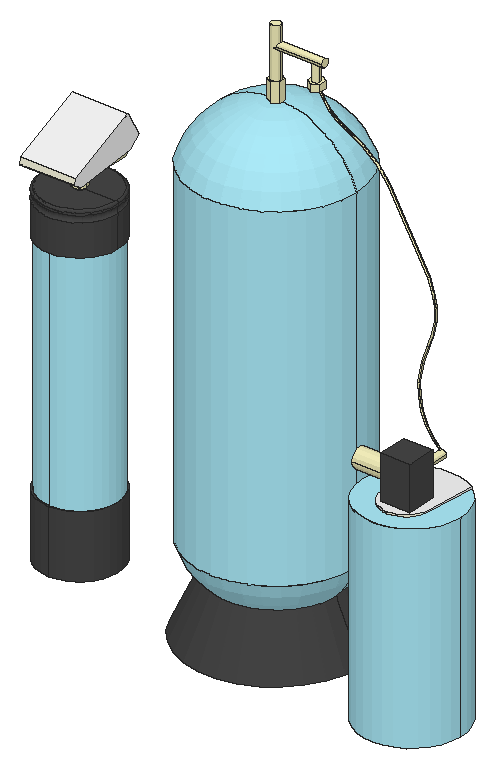
Revit family "Water-Filter_Whole-House", category Plumbing Fixtures, Revit 2026
Family settings
  Round Connector Dimension = Use Diameter
  Part Type = Normal
  Classification Number = 23.65.50.11.11.11
  Work Plane-Based = Yes
  Enable Cutting in Views = No
  Always vertical = Yes
  Cut with Voids When Loaded = No
  Maintain Annotation Orientation = No
  Shared = No
  Room Calculation Point = No
Parameters
  Working Pressure = "15-125 PSI"
  Wattage = 15
  Water Heater Size = 120
  Warranty Duration (Years) = 10
  Voltage = 110
  Type Comments = ""
  Test Data = ""
  Tank Capacity (Lbs) = 250
  Specification = "http://www.arcat.com/divs/sec/sec15470.shtml"
  Size - Grains = 3000
  Sales Information = ""
  Regeneration = "15 minutes/ 15 gal. Countercurrent"
  Product Properties = "http://www.arcat.com/bim/bim_info.pl?fn=Water-Filter_Whole-House"
  Product Data = "http://www.arcat.com/divs/sec/sec15470.shtml"
  Outlet Connection = Plumbing-Connector : Thread-Thread -B-C 1
  Model = "Generic"  # constant formula
  Media Type = "High capacity fine mesh cation resin"
  Max Water Temp - F = 200
  Manufacturer Website = "http://www.arcat.com/"
  Manufacturer Phone - Toll Free = ""
  Manufacturer Phone = "(203) 929-9444"  # constant formula
  Manufacturer Fax = "(203) 939-2444"  # constant formula
  Manufacturer Email = "bim@arcat.com"  # constant formula
  Manufacturer Address = "1077 Bridgeport Ave, Shelton, CT  06484"  # constant formula
  Manufacturer = "Generic"  # constant formula
  Maintenance Schedule (Months) = 1
  Keynote = "15470"
  Installation_Fabricaton = ""
  Installation Phase = ""
  Inlet Connection = Plumbing-Connector : Thread-Thread -B-C 1
  Green Building-LEED = "http://www.arcat.com/green/green_building.shtml"
  Flow Range = "9 - 15 GPM"
  Fitting Material = ARCAT - Metal - Brass
  Expected Lifespan (Years) = 15
  Drawn By = "Robert S. Weygant. CSI, CDT, SCIP"  # constant formula
  Description = "Residential Water Filtration System"
  Default Elevation = 4' - 0"
  Copyright = "2008, ARCAT, Inc."  # constant formula
  Construction Details = "http://www.arcat.com/divs/sec/sec15470.shtml"
  Brine Connection = "3/8\" NPT"
  CW Connection = no
  Building Codes = ""
  Body Material = ARCAT - Metal - Aluminum, Painted - Light Blue
  Backwash (GPM) = 2
  Assembly Code = "D2020300"
  Amperage = 3
Reference planes (in)
  plane 1: z = 0
  plane 2 "Center (Left/Right)": x = 0
  plane 3 "Connection Level": z = 70.72465
  plane 4 "Center": y = 0
  plane 5 "Connection Plane": y = 1.5
  plane 6: z = 10.375
Forms (in)
  Extrusion 1, solid, material "ARCAT - Metal - Aluminum, Painted - Light Blue" <- "Body Material", not visible
    sketch origin (0, 0, 0) x (1, 0, 0) y (0, 1, 0)
      loop
        arc (6.79468, -2) -> (6.83925, -1.98154) -> (6.85771, -1.93696) r 0.06304
        arc (6.85771, -1.93696) -> (6.87717, -1.88998) -> (6.92415, -1.87052) r 0.06644
        arc (6.92415, -1.87052) -> (8.12827, -1.31801) -> (8.66659, -0.10747) r 1.875
        arc (8.66659, -0.10747) -> (8.68793, -0.06894) -> (8.72958, -0.05463) r 0.06136
        arc (8.72958, -0.05463) -> (8.77263, -0.03983) -> (8.79468, 0) r 0.06343
        arc (8.79468, 0) -> (5.38046, 1.41421) -> (6.79468, -2) r 2
    from 0 to 2
  Extrusion 2, solid, material "ARCAT - Metal - Aluminum, Painted - Light Blue" <- "Body Material", not visible
    sketch origin (0, 0, 2) x (1, 0, 0) y (0, 1, 0)
      loop
        circle (6.79468, 0) r 2
    from 0 to 8
  Extrusion 3, solid, material "ARCAT - Metal - Brass" <- "Fitting Material"
    sketch origin (-7.90882, 1.5, 0.18867) x (-1, 0, 0) y (0, 0, 1)
      loop
        circle (-0.30128, 14.2332) r 0.375
    from 0 to -1.5
  Extrusion 4, void
    sketch origin (-7.90882, 1.5, 0.16786) x (-1, 0, 0) y (0, 0, 1)
      loop
        circle (-0.29851, 14.25402) r 0.25
    from 0 to -0.87546
  Extrusion 5, solid, material "ARCAT - Metal - Brass" <- "Fitting Material"
    sketch origin (-8.65882, 1.5, 0.18867) x (-1, 0, 0) y (0, 0, 1)
      loop
        circle (-0.30128, 14.2332) r 0.375
    from 0 to -1.5
  Extrusion 6, void
    sketch origin (-8.65882, 1.5, 0.16786) x (-1, 0, 0) y (0, 0, 1)
      loop
        circle (-0.29851, 14.25402) r 0.25
    from 0 to -0.87546
  Revolve 7, solid, material "ARCAT - Metal - Aluminum, Painted - Light Blue" <- "Body Material"
    sketch origin (-8, 0, 0) x (0, 1, 0) y (0, 0, 1)
      loop
        arc (-0.1997, 13.3003) -> (-1.12697, 12.82853) -> (-1.5, 11.85732) r 1.45081
        line (-1.5, 11.85732) -> (-1.5, 0) -> (0, 0) -> (0, 13.71432) -> (-0.1997, 13.71432) -> (-0.1997, 13.3003)
      axis (0, 13.71432) -> (0, 0)
    angle from 0 to 360
  Revolve 8, solid, material "ARCAT - Plastic - Black"
    sketch origin (-8, 0, 0) x (0, 1, 0) y (0, 0, 1)
      loop
        line (-1.5, 0) -> (-1.5, 2.5) -> (-1.5625, 2.5) -> (-1.5625, -0.05923) -> (0, -0.05923) -> (0, 0) -> (-1.5, 0)
      axis (0, -0.05923) -> (0, 2.5)
    angle from 0 to 360
  Extrusion 9, solid, material "ARCAT - Metal - Aluminum, Painted - Light Blue" <- "Body Material"
    sketch origin (0, -1.58574, 2) x (1, 0, 0) y (0, 1, 0)
      loop
        circle (6.79468, 0) r 2
    from -2 to 6
  Revolve 10, solid, material "ARCAT - Metal - Brass" <- "Fitting Material"
    sketch origin (-8, 0, 0) x (1, 0, 0) y (0, 0, 1)
      loop
        line (0, 13.57152) -> (0.29377, 13.57152) -> (0.29377, 15.07152) -> (0, 15.07152) -> (0, 13.57152)
      axis (0, 13.57152) -> (0, 15.07152)
    angle from 0 to 360
  Extrusion 11, solid, material "ARCAT - Plastic - White"
    sketch origin (-9.125, -1.5239, 0.07986) x (0, 0.994522, -0.104528) y (0, 0.104528, 0.994522)
      loop
        line (1.1324, 14.84022) -> (1.55099, 15.25881) -> (0.87336, 16.19148) -> (-1.62366, 14.69112) -> (-1.62366, 14.44112) -> (-1.3302, 14.27169) -> (1.1324, 14.84022)
    from 0 to 2.25
  Revolve 12, solid, material "ARCAT - Plastic - Black"
    sketch origin (-8, 0, 0) x (1, 0, 0) y (0, 0, 1)
      loop
        line (0, 11.75) -> (1.5709, 11.75) -> (1.5709, 13.04798)
        arc (1.5709, 13.04798) -> (1.51551, 13.17298) -> (1.5709, 13.29798) r 0.16875
        line (1.5709, 13.29798) -> (1.5709, 13.39819)
        arc (1.5709, 13.39819) -> (1.54666, 13.45671) -> (1.48813, 13.48095) r 0.08276
        line (1.48813, 13.48095) -> (0, 13.48095) -> (0, 11.75)
      axis (0, 11.75) -> (0, 13.48095)
    angle from 0 to 360
  Revolve 13, solid, material "ARCAT - Metal - Aluminum, Painted - Light Blue" <- "Body Material"
    sketch origin (0, 0, 0) x (1, 0, 0) y (0, 0, 1)
      loop
        arc (0, 1.25) -> (2.0183, 1.85447) -> (3.27661, 3.54431) r 3.35012
        line (3.27661, 3.54431) -> (3.27661, 17.20569)
        arc (3.27661, 17.20569) -> (2.0183, 18.89553) -> (0, 19.5) r 3.35012
        line (0, 19.5) -> (0, 1.25)
      axis (0, 19.5) -> (0, 1.25)
    angle from 0 to 360
  Revolve 14, solid, material "ARCAT - Plastic - Black"
    sketch origin (0, 0, 0) x (1, 0, 0) y (0, 0, 1)
      loop
        line (0, 2.25) -> (0, 0) -> (3.5, 0) -> (2.45081, 2.25) -> (0, 2.25)
      axis (0, 0) -> (0, 2.25)
    angle from 0 to 360
  Extrusion 15, solid, material "ARCAT - Metal - Brass" <- "Fitting Material"
    sketch origin (0, 0, 19.25) x (1, 0, 0) y (0, 1, 0)
      loop
        line (0.25, 0.14434) -> (0, 0.28868) -> (-0.25, 0.14434) -> (-0.25, -0.14434) -> (0, -0.28868) -> (0.25, -0.14434) -> (0.25, 0.14434)
    from 0 to 1
  Extrusion 16, solid, material "ARCAT - Metal - Brass" <- "Fitting Material"
    sketch origin (0, 0, 20.25) x (1, 0, 0) y (0, 1, 0)
      loop
        circle (0, 0) r 0.18881
    from 0 to 2
  Extrusion 17, solid, material "ARCAT - Metal - Brass" <- "Fitting Material"
    sketch origin (0, 0, 0) x (0, 1, 0) y (0, 0, 1)
      loop
        circle (0, 21.49437) r 0.15567
    from 0 to 2
  Extrusion 18, solid, material "ARCAT - Metal - Brass" <- "Fitting Material"
    sketch origin (1.6611, 0, 19.75102) x (1, 0, 0) y (0, 1, 0)
      loop
        line (0.25, 0.14434) -> (0, 0.28868) -> (-0.25, 0.14434) -> (-0.25, -0.14434) -> (0, -0.28868) -> (0.25, -0.14434) -> (0.25, 0.14434)
    from 0.71471 to 1
  Extrusion 19, solid, material "ARCAT - Metal - Brass" <- "Fitting Material"
    sketch origin (0, 0, 19.5) x (1, 0, 0) y (0, 1, 0)
      loop
        circle (1.65617, 0) r 0.14444
    from 1.25102 to 2
  Extrusion 20, solid, material "ARCAT - Plastic - White"
    sketch origin (0, -1.58574, 8) x (1, 0, 0) y (0, 1, 0)
      loop
        arc (6.79468, -1.25) -> (7.47956, -0.96631) -> (7.76324, -0.28144) r 0.96856
        arc (7.76324, -0.28144) -> (7.79735, 0.69523) -> (7.8995, 1.66714) r 14.00112
        arc (7.8995, 1.66714) -> (7.37161, 1.91498) -> (6.79468, 2) r 2
        arc (6.79468, 2) -> (6.21774, 1.91498) -> (5.68986, 1.66714) r 2
        arc (5.68986, 1.66714) -> (5.79201, 0.69523) -> (5.82611, -0.28144) r 14.00112
        arc (5.82611, -0.28144) -> (6.1098, -0.96631) -> (6.79468, -1.25) r 0.96856
    from 0 to 0.0625
  Extrusion 21, solid, material "ARCAT - Plastic - Black"
    sketch origin (0, -1.58574, 8.0625) x (1, 0, 0) y (0, 1, 0)
      loop
        line (6.20342, -0.84273) -> (7.37555, -0.84273) -> (7.37555, 0.33574) -> (6.20342, 0.33574) -> (6.20342, -0.84273)
    from 0 to 1.75
  Extrusion 22, solid, material "ARCAT - Metal - Brass" <- "Fitting Material"
    sketch origin (5.45342, -1.58574, 0) x (0, 1, 0) y (0, 0, 1)
      loop
        circle (-0.247, 8.93371) r 0.39175
    from -0.57788 to 0.75
  Extrusion 23, solid, material "ARCAT - Metal - Brass" <- "Fitting Material"
    sketch origin (0, -1, 0) x (1, 0, 0) y (0, 0, 1)
      loop
        line (7.02896, 9.06043) -> (6.77896, 9.20476) -> (6.52896, 9.06043) -> (6.52896, 8.77175) -> (6.77896, 8.62741) -> (7.02896, 8.77175) -> (7.02896, 9.06043)
    from 0 to 0.25
  Extrusion 24, solid, material "ARCAT - Metal - Brass" <- "Fitting Material"
    sketch origin (0, 0, 0) x (1, 0, 0) y (0, 0, 1)
      loop
        circle (6.775, 8.91752) r 0.14412
    from 0 to 1
  Sweep 25, solid, material "ARCAT - Metal - Brass" <- "Fitting Material"
    path origin (0, 0, 0) x (1, 0, 0) y (0, 0, 1)
      loop
        arc (1.7861, 20.46573) -> (2.21086, 19.82983) -> (2.84676, 19.40507) r 1.95853
        arc (2.84676, 19.40507) -> (3.8238, 18.82397) -> (4.59534, 17.9891) r 3.95735
        arc (4.59534, 17.9891) -> (5.46294, 16.61362) -> (6.22034, 15.17451) r 20.78461
        arc (6.22034, 15.17451) -> (6.50337, 13.92451) -> (6.22034, 12.67451) r 2.90184
        arc (6.22034, 12.67451) -> (5.95956, 11.96793) -> (5.83211, 11.22563) r 4.10941
        arc (5.83211, 11.22563) -> (6.03913, 9.95555) -> (6.80894, 8.92436) r 2.70854
    profile origin (2.21086, 0, 19.82983) x (0.707107, 0, 0.707107) y (0, -1, 0)
      loop
        circle (0, 0) r 0.03217
Cuts and joins
  Extrusion 4, Extrusion 6 cuts Extrusion 3
  Extrusion 6 cuts Extrusion 5
Dimensions and locks (in)
  aligned and locked: plane 4 "Center" to Extrusion 3
  aligned and locked: plane 4 "Center" to Extrusion 5
Nested families (in)
  nested 1: "Plumbing-Connector" at (-6.10794, 1, 16.34971) x (-1, 0, 0) z (0, 0, 1), type <- "Inlet Connection", type "Thread-Thread -B-C 1"
  nested 2: "Plumbing-Connector" at (-6.85794, 1, 16.34971) x (-1, 0, 0) z (0, 0, 1), type <- "Outlet Connection", type "Thread-Thread -B-C 1"
Definition of nested family "Plumbing-Connector"
  Parameters
    Waste Connection = no
    Warranty Duration (Years) = 0
    Vent Connection = no
    Type Comments = "Plumbing Connection"
    Test Data = ""
    Specification = "http://www.arcat.com/divs/sec/sec15000.shtml"
    Sales Information = ""
    Product Properties = "http://www.arcat.com/bim/bim_info.pl?fn=Plumbing-Connector"
    Product Data = "http://www.arcat.com/divs/sec/sec15000.shtml"
    Pipe Diameter [instance] = 0' - 4"
    Outlet Material [instance] = none
    Outlet Connection [instance] = "Crimp"
    Model = "Generic"  # constant formula
    Mixing Valve = no
    Manufacturer Website = "http://www.arcat.com/"
    Manufacturer Phone - Toll Free = ""
    Manufacturer Phone = "(203) 929-9444"  # constant formula
    Manufacturer Fax = "(203) 939-2444"  # constant formula
    Manufacturer Email = "bim@arcat.com"  # constant formula
    Manufacturer Address = "1077 Bridgeport Ave, Shelton, CT  06484"  # constant formula
    Manufacturer = "Generic"  # constant formula
    Maintenance Schedule (Months) = 0
    Keynote = "15000"
    Installation_Fabricaton = ""
    Installation Phase = ""
    Inlet Material [instance] = none
    Inlet Connection [instance] = "Threaded"
    HW Connection = no
    Green Building-LEED = "http://www.arcat.com/green/green_building.shtml"
    Expected Lifespan (Years) = 0
    Drawn By = "Robert S. Weygant. CSI, CDT, SCIP"  # constant formula
    Description = ""
    Default Elevation = 4' - 0"
    Copyright = "2008, ARCAT, Inc."  # constant formula
    Construction Details = "http://www.arcat.com/divs/sec/sec15000.shtml"
    CW Connection = yes
    Building Codes = ""
    Assembly Code = "D2090900"
  Reference planes (in)
    plane 1 "Center (TB)": z = -1.92656
    plane 2 "Center (Left/Right)": x = 1.5
    plane 3 "Center (FB)": y = -0.5
    plane 4: x = -0.5
    plane 5: x = 3.5
    plane 6: y = 1.5
    plane 7: y = -2.5
    plane 8: z = 0.07344
    plane 9: z = -3.92656
  Forms (in)
    Revolve 1, solid
      sketch origin (0, 0, -1.92656) x (1, 0, 0) y (0, 1, 0)
        loop
          line (1.5, -0.375) -> (1.5, -0.625)
          arc (1.5, -0.625) -> (1.625, -0.5) -> (1.5, -0.375) r 0.125
        axis (1.5, -0.375) -> (1.5, -0.625)
      angle from 0 to 360
  Lines and regions (in)
    model lines, not visible
      curve 1: line (0, 0.5, 0) -> (0, -0.5, 0)
      curve 2: line (-0.5, 0, 0) -> (0.5, 0, 0)
    model lines, visible <- "CW Connection"
      curve 3: line (1.5, -0.5, -3.92656) -> (1.5, -0.5, 0.07344)
      curve 8: line (-0.5, -0.5, -1.92656) -> (3.5, -0.5, -1.92656)
      curve 13: line (1.5, 1.5, -1.92656) -> (1.5, -2.5, -1.92656)
    model lines, visible <- "Waste Connection"
      curve 4: line (1.5, -0.5, -3.92656) -> (1.5, -0.5, 0.07344)
      curve 9: line (-0.5, -0.5, -1.92656) -> (3.5, -0.5, -1.92656)
      curve 14: line (1.5, 1.5, -1.92656) -> (1.5, -2.5, -1.92656)
    model lines, visible <- "HW Connection"
      curve 5: line (1.5, -0.5, -3.92656) -> (1.5, -0.5, 0.07344)
      curve 10: line (-0.5, -0.5, -1.92656) -> (3.5, -0.5, -1.92656)
      curve 15: line (1.5, 1.5, -1.92656) -> (1.5, -2.5, -1.92656)
    model lines, visible <- "Mixing Valve"
      curve 6: line (1.5, -0.5, -3.92656) -> (1.5, -0.5, 0.07344)
      curve 11: line (-0.5, -0.5, -1.92656) -> (3.5, -0.5, -1.92656)
      curve 16: line (1.5, 1.5, -1.92656) -> (1.5, -2.5, -1.92656)
    model lines, visible <- "Vent Connection"
      curve 7: line (1.5, -0.5, -3.92656) -> (1.5, -0.5, 0.07344)
      curve 12: line (-0.5, -0.5, -1.92656) -> (3.5, -0.5, -1.92656)
      curve 17: line (1.5, 1.5, -1.92656) -> (1.5, -2.5, -1.92656)
  Dimensions and locks (in)
    equal spacing: plane 4, plane 2 "Center (Left/Right)", plane 5
    equal spacing: plane 6, plane 3 "Center (FB)", plane 7
    "Pipe Diameter": plane 4 to plane 5
    "Pipe Diameter": plane 6 to plane 7
    equal spacing: plane 8, plane 1 "Center (TB)", plane 9
    "Pipe Diameter": plane 8 to plane 9
    aligned and locked: plane 9 to curve 3
    aligned and locked: plane 2 "Center (Left/Right)" to curve 3
    aligned and locked: plane 8 to curve 3
    aligned and locked: plane 2 "Center (Left/Right)" to curve 4
    aligned and locked: plane 2 "Center (Left/Right)" to curve 5
    aligned and locked: plane 2 "Center (Left/Right)" to curve 6
    aligned and locked: plane 2 "Center (Left/Right)" to curve 7
    aligned and locked: plane 4 to curve 8
    aligned and locked: plane 5 to curve 8
    aligned and locked: plane 3 "Center (FB)" to curve 8
    aligned and locked: plane 3 "Center (FB)" to curve 9
    aligned and locked: plane 3 "Center (FB)" to curve 10
    aligned and locked: plane 3 "Center (FB)" to curve 11
    aligned and locked: plane 3 "Center (FB)" to curve 12
    aligned and locked: plane 6 to curve 13
    aligned and locked: curve 13 to plane 2 "Center (Left/Right)"
    aligned and locked: plane 7 to curve 13
    aligned and locked: curve 14 to plane 2 "Center (Left/Right)"
    aligned and locked: curve 15 to plane 2 "Center (Left/Right)"
    aligned and locked: curve 16 to plane 2 "Center (Left/Right)"
    aligned and locked: curve 17 to plane 2 "Center (Left/Right)"
  Automatic sketch dimensions
    Revolve 1 sketch curve to plane 2 "Center (Left/Right)" = 0' - 0"  (x2)
    Revolve 1 sketch curve to plane 3 "Center (FB)" = 0' - 0"
    Revolve 1 sketch curve to Revolve 1 sketch curve = 0' - 0 1/8"
    Revolve 1 sketch curve to plane 7 = 4' - 9 1/2"
    plane 6 to Revolve 1 sketch curve = 4' - 8.8714"
    curve 6 to plane 8 = 0' - 0"
    curve 4 to plane 8 = 0' - 0"
    curve 5 to plane 8 = 0' - 0"
    curve 7 to plane 8 = 0' - 0"
    curve 4 to plane 9 = 0' - 0"
    curve 7 to plane 9 = 0' - 0"
    curve 6 to plane 9 = 0' - 0"
    curve 5 to plane 9 = 0' - 0"
    curve 17 to plane 6 = 0' - 0"
    curve 17 to plane 7 = 0' - 0"
    curve 16 to plane 7 = 0' - 0"
    curve 16 to plane 6 = 0' - 0"
    curve 15 to plane 6 = 0' - 0"
    curve 15 to plane 7 = 0' - 0"
    curve 14 to plane 6 = 0' - 0"
    curve 14 to plane 7 = 0' - 0"
    curve 10 to plane 4 = 0' - 0"
    curve 9 to plane 4 = 0' - 0"
    curve 11 to plane 4 = 0' - 0"
    curve 12 to plane 4 = 0' - 0"
    curve 10 to plane 5 = 0' - 0"
    curve 9 to plane 5 = 0' - 0"
    curve 11 to plane 5 = 0' - 0"
    curve 12 to plane 5 = 0' - 0"
